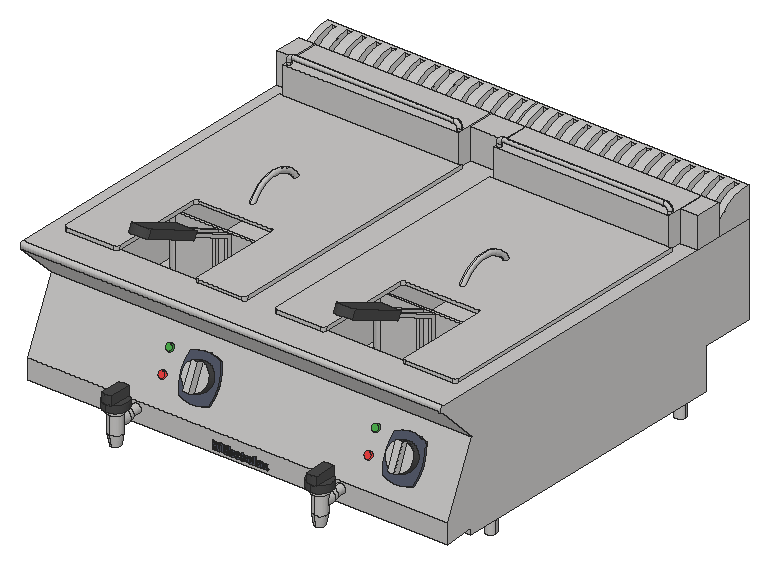
Revit family "QF_ELECTROLUXPROFESSIONAL_371080_E7FREH2E00", category Specialty Equipment, Revit 2018
Family settings
  Round Connector Dimension = Use Diameter
  Part Type = Normal
  Work Plane-Based = No
  Always vertical = Yes
  Cut with Voids When Loaded = No
  Shared = No
  Room Calculation Point = No
Parameters
  Width = 800 mm  # constant formula
  Weight in Pounds = 99  # constant formula
  Watts = 17400 VA  # 17400 W
  Volts = 400 V  # constant formula
  URL Cutsheet = "www.electrolux.com/foodservice"
  URL = "www.electrolux.com/foodservice"
  Type Mark [instance] = ""
  Status [instance] = ""
  Specification by User [instance] = ""
  Specification by Manufacturer = ""
  Show Logo [instance] = yes
  Show Clearance [instance] = yes
  Serial Number = ""
  Seismic Rating = ""
  SMACNA No = ""
  Revision Code [instance] = ""
  Phase = 3  # constant formula
  Omniclass Number and Title = ""
  Number of Poles [instance] = 1
  NAFEM Spec ID Number = ""
  Model = "371080"
  Min Ckt Ampacity = 0 A
  Max Overcurrent Protection = 0 A
  Masterspec = ""
  Manufacturer = "ELECTROLUX"
  Item Number [instance] = ""
  Installed By [instance] = ""
  Identify Quantity as Lot [instance] = yes
  Height = 333 mm  # constant formula
  HP = "23.3 HP"
  Furnished By [instance] = ""
  Foodservice Equipment Identifier [instance] = yes
  FL Amps = if(Phase = 3, Watts / (Volts * 1.73), Watts / Volts)  # 25.1445 A
  Electrical Remarks [instance] = "400 V/3N ph/50/60 Hz"  # constant formula
  Electric Connection Type [instance] = ""
  Elec Conn RI Height [instance] = 0 mm
  Elec Conn Connection Height [instance] = 0 mm
  Direct Waste Size = 0"
  Description = "700XP Two 12 Lt. Wells Electric Fryer Top - 400V"
  Depth = 730 mm  # constant formula
  Cycle = if([60 Hertz Option], 60 Hz, 50 Hz)  # 60 Hz
  Conn Plug = ""
  Conn Conduit = yes
  CSI MasterFormat = ""
  CSI Master Format = ""
  Base Height [instance] = 25.4 mm  # constant formula
  Apparent Power = if(Phase = 3, Volts * FL Amps * 1.73, Volts * FL Amps)  # 17400 VA
  60 Hertz Option = not([50 Hertz Option])  # yes
  50 Hertz Option = no
Reference planes
  plane 1 "BACK": y = 0
  plane 2: z = 0
  plane 3 "LEFT": x = 0
  plane 4 "RIGHT": x = 800
  plane 5 "FRONT": y = -730
  plane 6 "TOP": z = 333
  plane 7 "Center Y": x = 400
  plane 8 "Center X": y = -365
  plane 9 "BASE": z = 25.4
  plane 10 "TOP A": z = 274.638
  plane 11: y = -597.884
  plane 12: y = -147.637
  plane 13: z = 366.713
  plane 14: z = 346.638
Forms (mm)
  Extrusion 1, solid, material "QF_Finishes_Stainless Steel"
    sketch origin (0, 0, 0) x (0, 1, 0) y (0, 0, 1)
      loop
        line (0, 274.638) -> (-725.027, 274.638)
        arc (-725.027, 274.638) -> (-730.893, 270.718) -> (-729.517, 263.797) r 6.35
        line (-729.517, 263.797) -> (-657.416, 191.447) -> (-713.522, 70.59) -> (-713.522, 32.49) -> (-660.4, 38.1) -> (-660.4, 25.4) -> (-101.6, 25.4) -> (-101.6, 103.188) -> (0, 103.188) -> (0, 274.638)
    from 0 to 800
  Extrusion 2, solid, material "QF_Finishes_Stainless Steel"
    sketch origin (0, 0, 0) x (0, 1, 0) y (0, 0, 1)
      loop
        line (0, 274.638) -> (0, 333)
        arc (0, 333) -> (-38.795, 324.72) -> (-69.85, 300.038) r 86.758
        line (-69.85, 300.038) -> (-69.85, 274.638) -> (0, 274.638)
    from 0 to 800
  Extrusion 3, void
    sketch origin (0, 0, 274.638) x (-1, 0, 0) y (0, -1, 0)
      loop
        line (-33.338, 147.762) -> (-33.338, 655.762) -> (-373.012, 655.762) -> (-373.012, 147.762) -> (-33.338, 147.762)
      loop
        line (-766.662, 655.762) -> (-766.662, 147.762) -> (-426.987, 147.762) -> (-426.987, 655.762) -> (-766.662, 655.762)
    from 0 to -152.4
  Extrusion 4, void
    sketch origin (0, 0, 274.638) x (-1, 0, 0) y (0, -1, 0)
      loop
        line (-13.453, 6.761) -> (-13.453, 63.911) -> (-22.749, 63.911) -> (-22.749, 6.761) -> (-13.453, 6.761)
    from 25.4 to 63.5
  Extrusion 5, solid, material "QF_Finishes_Stainless Steel"
    sketch origin (0, 0, 0) x (1, 0, 0) y (0, 1, 0)
      loop
        circle (11.112, -147.638) r 9.525
      loop
        circle (11.112, -597.884) r 9.525
      loop
        circle (788.887, -147.638) r 9.525
      loop
        circle (788.887, -597.884) r 9.525
    from 0 to 25.4
  Extrusion 6, solid, material "QF_Finishes_Navy Blue"
    sketch origin (101.6, -713.522, 70.59) x (0, 0.421077, 0.907025) y (-1, 0, 0)
      loop
        arc (101.077, -565.788) -> (66.2, -558.771) -> (31.333, -565.832) r 89.894
        arc (31.333, -565.832) -> (24.638, -594.363) -> (31.333, -622.893) r 64.14
        arc (31.333, -622.893) -> (66.2, -629.955) -> (101.077, -622.938) r 89.894
        arc (101.077, -622.938) -> (107.792, -594.363) -> (101.077, -565.788) r 64.16
      loop
        arc (101.077, -176.965) -> (66.2, -169.948) -> (31.333, -177.01) r 89.894
        arc (31.333, -177.01) -> (24.638, -205.54) -> (31.333, -234.071) r 64.14
        arc (31.333, -234.071) -> (66.2, -241.136) -> (101.077, -234.115) r 89.853
        arc (101.077, -234.115) -> (107.792, -205.54) -> (101.077, -176.965) r 64.16
    from 0 to 3.175
  Extrusion 7, solid, material "QF_Finishes_Stainless Steel"
    sketch origin (101.6, -716.402, 71.927) x (0, 0.421077, 0.907025) y (-1, 0, 0)
      loop
        circle (68.826, -594.351) r 25.4
      loop
        circle (68.826, -205.413) r 25.4
    from 0 to 12.7
  Extrusion 8, solid, material "QF_Finishes_Stainless Steel"
    sketch origin (101.6, -727.921, 77.275) x (0, 0.421077, 0.907025) y (-1, 0, 0)
      loop
        arc (93.558, -600.137) -> (94.226, -594.351) -> (93.558, -588.564) r 25.4
        line (93.558, -588.564) -> (44.094, -588.564)
        arc (44.094, -588.564) -> (43.426, -594.351) -> (44.094, -600.137) r 25.4
        line (44.094, -600.137) -> (93.558, -600.137)
      loop
        arc (93.558, -211.199) -> (94.226, -205.413) -> (93.558, -199.627) r 25.4
        line (93.558, -199.627) -> (44.094, -199.627)
        arc (44.094, -199.627) -> (43.426, -205.413) -> (44.094, -211.199) r 25.4
        line (44.094, -211.199) -> (93.558, -211.199)
    from 0 to 12.7
  Extrusion 9, solid, material "QF_Finishes_Green"
    sketch origin (101.6, -713.522, 70.59) x (0, 0.421077, 0.907025) y (-1, 0, 0)
      loop
        circle (93.566, -530.485) r 6.35
      loop
        circle (93.566, -138.473) r 6.35
    from 0 to 3.175
  Extrusion 10, solid, material "QF_Finishes_Red"
    sketch origin (101.6, -713.522, 70.59) x (0, 0.421077, 0.907025) y (-1, 0, 0)
      loop
        circle (50.809, -530.485) r 6.35
      loop
        circle (50.809, -138.473) r 6.35
    from 0 to 3.175
  Revolve 11, solid, material "QF_Finishes_Stainless Steel"
    sketch origin (206.375, 0, 0) x (0, 1, 0) y (0, 0, 1)
      loop
        line (-762.926, 17.277) -> (-753.917, 17.277) -> (-750.301, 37.788) -> (-750.301, 74.129) -> (-747.023, 74.129) -> (-747.023, 82.008) -> (-740.673, 82.008) -> (-740.673, 94.708) -> (-762.926, 94.708) -> (-762.926, 17.277)
      axis (-762.926, 17.277) -> (-762.926, 94.708)
    angle from 0 to 360
  Revolve 12, solid, material "QF_Finishes_Stainless Steel"
    sketch origin (206.375, 0, 0) x (0, 1, 0) y (0, 0, 1)
      loop
        line (-713.522, 57.15) -> (-764.322, 57.15) -> (-764.322, 44.847) -> (-742.357, 44.847) -> (-742.357, 46.549) -> (-733.364, 46.549) -> (-733.364, 48.596) -> (-713.522, 48.596) -> (-713.522, 57.15)
      axis (-764.322, 57.15) -> (-713.522, 57.15)
    angle from 0 to 360
  Revolve 13, solid, material "QF_Finishes_Stainless Steel"
    sketch origin (595.312, 0, 0) x (0, 1, 0) y (0, 0, 1)
      loop
        line (-762.926, 17.277) -> (-753.917, 17.277) -> (-750.301, 37.788) -> (-750.301, 74.129) -> (-747.023, 74.129) -> (-747.023, 82.008) -> (-740.673, 82.008) -> (-740.673, 94.708) -> (-762.926, 94.708) -> (-762.926, 17.277)
      axis (-762.926, 17.277) -> (-762.926, 94.708)
    angle from 0 to 360
  Revolve 14, solid, material "QF_Finishes_Stainless Steel"
    sketch origin (595.312, 0, 0) x (0, 1, 0) y (0, 0, 1)
      loop
        line (-713.522, 57.15) -> (-764.322, 57.15) -> (-764.322, 44.847) -> (-742.357, 44.847) -> (-742.357, 46.549) -> (-733.364, 46.549) -> (-733.364, 48.596) -> (-713.522, 48.596) -> (-713.522, 57.15)
      axis (-764.322, 57.15) -> (-713.522, 57.15)
    angle from 0 to 360
  Extrusion 15, solid, material "QF_Finishes_Black"
    sketch origin (206.375, -762.926, 94.708) x (0, 1, 0) y (-1, 0, 0)
      loop
        line (20.063, 9.626) -> (-20.063, 9.626)
        arc (-20.063, 9.626) -> (-22.253, 0) -> (-20.063, -9.626) r 22.253
        line (-20.063, -9.626) -> (20.063, -9.626)
        arc (20.063, -9.626) -> (22.253, 0) -> (20.063, 9.626) r 22.253
      loop
        line (20.063, -379.312) -> (-20.063, -379.312)
        arc (-20.063, -379.312) -> (-22.253, -388.937) -> (-20.063, -398.563) r 22.253
        line (-20.063, -398.563) -> (20.063, -398.563)
        arc (20.063, -398.563) -> (22.253, -388.937) -> (20.063, -379.312) r 22.253
    from 0 to 16.412
  Extrusion 16, solid, material "QF_Finishes_Stainless Steel"
    sketch origin (0, -101.6, 103.188) x (0, 0, -1) y (-1, 0, 0)
      loop
        circle (43.882, -736.5) r 12.7
    from 0 to 12.7
  Extrusion 17, solid, material "QF_Finishes_Clearance", visible <- "Show Clearance", detail levels coarse
    sketch origin (0, 0, 0) x (1, 0, 0) y (0, 1, 0)
      loop
        line (0, -731.377) -> (0, 0) -> (800, 0) -> (800, -731.377) -> (950.019, -731.377) -> (950.019, 150.019) -> (-150.019, 150.019) -> (-150.019, -731.377) -> (0, -731.377)
    from 0 to 333
  Extrusion 18, solid, material "QF_Finishes_Stainless Steel"
    sketch origin (0, 0, 274.638) x (-1, 0, 0) y (0, -1, 0)
      loop
        arc (-26.988, 655.762) -> (-28.847, 660.252) -> (-33.338, 662.112) r 6.35
        line (-33.338, 662.112) -> (-122.238, 662.112)
        arc (-122.238, 662.112) -> (-126.728, 660.252) -> (-128.588, 655.762) r 6.35
        line (-128.588, 655.762) -> (-128.588, 481.012)
        arc (-128.588, 481.012) -> (-130.447, 476.521) -> (-134.938, 474.662) r 6.35
        line (-134.938, 474.662) -> (-271.412, 474.662)
        arc (-271.412, 474.662) -> (-275.903, 476.521) -> (-277.762, 481.012) r 6.35
        line (-277.762, 481.012) -> (-277.762, 655.762)
        arc (-277.762, 655.762) -> (-279.622, 660.252) -> (-284.112, 662.112) r 6.35
        line (-284.112, 662.112) -> (-366.662, 662.112)
        arc (-366.662, 662.112) -> (-371.153, 660.252) -> (-373.012, 655.762) r 6.35
        line (-373.012, 655.762) -> (-373.012, 147.762) -> (-26.988, 147.762) -> (-26.988, 655.762)
      loop
        line (-773.012, 655.762) -> (-773.012, 147.762) -> (-426.987, 147.762) -> (-426.987, 655.762)
        arc (-426.987, 655.762) -> (-428.847, 660.252) -> (-433.337, 662.112) r 6.35
        line (-433.337, 662.112) -> (-515.887, 662.112)
        arc (-515.887, 662.112) -> (-520.378, 660.252) -> (-522.237, 655.762) r 6.35
        line (-522.237, 655.762) -> (-522.237, 481.012)
        arc (-522.237, 481.012) -> (-524.097, 476.521) -> (-528.587, 474.662) r 6.35
        line (-528.587, 474.662) -> (-665.062, 474.662)
        arc (-665.062, 474.662) -> (-669.553, 476.521) -> (-671.412, 481.012) r 6.35
        line (-671.412, 481.012) -> (-671.412, 655.762)
        arc (-671.412, 655.762) -> (-673.272, 660.252) -> (-677.762, 662.112) r 6.35
        line (-677.762, 662.112) -> (-766.662, 662.112)
        arc (-766.662, 662.112) -> (-771.153, 660.252) -> (-773.012, 655.762) r 6.35
    from 0 to 6.35
  Sweep 19, solid, material "QF_Finishes_Stainless Steel"
    path origin (0, 1.513, 0) x (1, 0, 0) y (0, 0, 1)
      loop
        line (39.688, 333) -> (39.688, 337.85)
        arc (39.688, 337.85) -> (41.547, 342.34) -> (46.038, 344.2) r 6.35
        line (46.038, 344.2) -> (353.919, 344.2)
        arc (353.919, 344.2) -> (358.41, 342.34) -> (360.269, 337.85) r 6.35
        line (360.269, 337.85) -> (360.269, 333)
    profile origin (39.688, 1.513, 335.425) x (-1, 0, 0) y (0, -1, 0)
      loop
        circle (2.09, 140.754) r 3.827
  Extrusion 20, solid, material "QF_Finishes_Black"
    sketch origin (271.462, -708.83, 366.66) x (0, 0.906308, -0.422618) y (-1, 0, 0)
      loop
        line (10.103, 47.37) -> (128.716, 47.37) -> (128.716, 84.605) -> (10.103, 84.605)
        arc (10.103, 84.605) -> (-0.124, 65.987) -> (10.103, 47.37) r 22.059
    from -15.884 to 0
  Extrusion 21, solid, material "QF_Finishes_Stainless Steel"
    sketch origin (271.463, 41.275, 0) x (0, 1, 0) y (0, 0, 1)
      loop
        line (-547.91, 165.638) -> (-547.91, 267.115) -> (-635.463, 307.942) -> (-638.147, 302.187) -> (-554.26, 263.07) -> (-554.26, 165.638) -> (-547.91, 165.638)
    from -80.476 to -74.619
  Extrusion 22, solid, material "QF_Finishes_Stainless Steel"
    sketch origin (139.588, 41.275, 0) x (0, 1, 0) y (0, 0, -1)
      loop
        line (-554.26, -263.07) -> (-638.147, -302.187) -> (-635.463, -307.942) -> (-547.91, -267.115) -> (-547.91, -165.638) -> (-554.26, -165.638) -> (-554.26, -263.07)
    from -80.476 to -74.619
  Sweep 23, solid, material "QF_Finishes_Stainless Steel"
    path origin (200.025, -0.124, 0) x (0, 1, 0) y (0, 0, 1)
      loop
        arc (-323.261, 274.638) -> (-377.7, 308.416) -> (-432.139, 274.638) r 60.757
    profile origin (200.025, -377.824, 308.416) x (0, 0, -1) y (1, 0, 0)
      loop
        circle (0, 0) r 4.353
  Sweep 24, solid, material "QF_Finishes_Stainless Steel"
    path origin (600.075, -0.124, 0) x (0, 1, 0) y (0, 0, -1)
      loop
        arc (-323.261, -274.638) -> (-377.7, -308.416) -> (-432.139, -274.638) r 60.757
    profile origin (600.075, -377.824, 308.416) x (0, 0, 1) y (-1, 0, 0)
      loop
        circle (0, 0) r 4.353
  Extrusion 25, solid, material "QF_Finishes_Black"
    sketch origin (528.637, -708.83, 366.66) x (0, 0.906308, -0.422618) y (-1, 0, 0)
      loop
        arc (10.103, -47.27) -> (-0.124, -65.887) -> (10.103, -84.505) r 22.059
        line (10.103, -84.505) -> (128.716, -84.505) -> (128.716, -47.27) -> (10.103, -47.27)
    from -15.884 to 0
  Extrusion 26, solid, material "QF_Finishes_Mesh"
    sketch origin (0, 0, 274.638) x (-1, 0, 0) y (0, -1, 0)
      loop
        arc (-116.625, 189.135) -> (-98.665, 196.575) -> (-91.225, 214.535) r 25.4
        line (-91.225, 214.535) -> (-91.225, 481.11)
        arc (-91.225, 481.11) -> (-98.665, 499.071) -> (-116.625, 506.51) r 25.4
        line (-116.625, 506.51) -> (-294.375, 506.51)
        arc (-294.375, 506.51) -> (-312.336, 499.071) -> (-319.775, 481.11) r 25.4
        line (-319.775, 481.11) -> (-319.775, 214.535)
        arc (-319.775, 214.535) -> (-312.336, 196.575) -> (-294.375, 189.135) r 25.4
        line (-294.375, 189.135) -> (-116.625, 189.135)
      loop
        arc (-116.625, 192.31) -> (-100.91, 198.82) -> (-94.4, 214.535) r 22.225
        line (-94.4, 214.535) -> (-94.4, 481.11)
        arc (-94.4, 481.11) -> (-100.91, 496.826) -> (-116.625, 503.335) r 22.225
        line (-116.625, 503.335) -> (-294.375, 503.335)
        arc (-294.375, 503.335) -> (-310.091, 496.826) -> (-316.6, 481.11) r 22.225
        line (-316.6, 481.11) -> (-316.6, 214.535)
        arc (-316.6, 214.535) -> (-310.091, 198.82) -> (-294.375, 192.31) r 22.225
        line (-294.375, 192.31) -> (-116.625, 192.31)
      loop
        line (-683.375, 189.135) -> (-505.625, 189.135)
        arc (-505.625, 189.135) -> (-487.664, 196.575) -> (-480.225, 214.535) r 25.4
        line (-480.225, 214.535) -> (-480.225, 481.11)
        arc (-480.225, 481.11) -> (-487.664, 499.071) -> (-505.625, 506.51) r 25.4
        line (-505.625, 506.51) -> (-683.375, 506.51)
        arc (-683.375, 506.51) -> (-701.335, 499.071) -> (-708.775, 481.11) r 25.4
        line (-708.775, 481.11) -> (-708.775, 214.535)
        arc (-708.775, 214.535) -> (-701.335, 196.575) -> (-683.375, 189.135) r 25.4
      loop
        line (-683.375, 192.31) -> (-505.625, 192.31)
        arc (-505.625, 192.31) -> (-489.909, 198.82) -> (-483.4, 214.535) r 22.225
        line (-483.4, 214.535) -> (-483.4, 481.11)
        arc (-483.4, 481.11) -> (-489.909, 496.826) -> (-505.625, 503.335) r 22.225
        line (-505.625, 503.335) -> (-683.375, 503.335)
        arc (-683.375, 503.335) -> (-699.09, 496.826) -> (-705.6, 481.11) r 22.225
        line (-705.6, 481.11) -> (-705.6, 214.535)
        arc (-705.6, 214.535) -> (-699.09, 198.82) -> (-683.375, 192.31) r 22.225
    from -109 to -5.315
  Extrusion 27, solid, material "QF_Finishes_Stainless Steel"
    sketch origin (528.637, 41.275, 0) x (0, 1, 0) y (0, 0, -1)
      loop
        line (-547.91, -165.638) -> (-554.26, -165.638) -> (-554.26, -263.07) -> (-638.147, -302.187) -> (-635.463, -307.942) -> (-547.91, -267.115) -> (-547.91, -165.638)
    from -80.476 to -74.619
  Extrusion 28, solid, material "QF_Finishes_Stainless Steel"
    sketch origin (660.512, 41.275, 0) x (0, 1, 0) y (0, 0, 1)
      loop
        line (-554.26, 263.07) -> (-554.26, 165.638) -> (-547.91, 165.638) -> (-547.91, 267.115) -> (-635.463, 307.942) -> (-638.147, 302.187) -> (-554.26, 263.07)
    from -80.476 to -74.619
  Extrusion 29, void
    sketch origin (361.95, 0, 274.638) x (-1, 0, 0) y (0, -1, 0)
      loop
        line (-13.403, 6.761) -> (-13.403, 63.911) -> (-22.699, 63.911) -> (-22.699, 6.761) -> (-13.403, 6.761)
    from 25.4 to 63.5
  Extrusion 30, void
    sketch origin (27.842, 0, 274.638) x (-1, 0, 0) y (0, -1, 0)
      loop
        line (-13.453, 6.761) -> (-13.453, 63.911) -> (-22.749, 63.911) -> (-22.749, 6.761) -> (-13.453, 6.761)
    from 25.4 to 63.5
  Extrusion 31, void
    sketch origin (55.685, 0, 274.638) x (-1, 0, 0) y (0, -1, 0)
      loop
        line (-13.453, 6.761) -> (-13.453, 63.911) -> (-22.749, 63.911) -> (-22.749, 6.761) -> (-13.453, 6.761)
    from 25.4 to 63.5
  Extrusion 32, void
    sketch origin (83.527, 0, 274.638) x (-1, 0, 0) y (0, -1, 0)
      loop
        line (-13.453, 6.761) -> (-13.453, 63.911) -> (-22.749, 63.911) -> (-22.749, 6.761) -> (-13.453, 6.761)
    from 25.4 to 63.5
  Extrusion 33, void
    sketch origin (111.369, 0, 274.638) x (-1, 0, 0) y (0, -1, 0)
      loop
        line (-13.453, 6.761) -> (-13.453, 63.911) -> (-22.749, 63.911) -> (-22.749, 6.761) -> (-13.453, 6.761)
    from 25.4 to 63.5
  Extrusion 34, void
    sketch origin (139.212, 0, 274.638) x (-1, 0, 0) y (0, -1, 0)
      loop
        line (-13.453, 6.761) -> (-13.453, 63.911) -> (-22.749, 63.911) -> (-22.749, 6.761) -> (-13.453, 6.761)
    from 25.4 to 63.5
  Extrusion 35, void
    sketch origin (167.054, 0, 274.638) x (-1, 0, 0) y (0, -1, 0)
      loop
        line (-13.453, 6.761) -> (-13.453, 63.911) -> (-22.749, 63.911) -> (-22.749, 6.761) -> (-13.453, 6.761)
    from 25.4 to 63.5
  Extrusion 36, void
    sketch origin (194.896, 0, 274.638) x (-1, 0, 0) y (0, -1, 0)
      loop
        line (-13.403, 6.761) -> (-13.403, 63.911) -> (-22.699, 63.911) -> (-22.699, 6.761) -> (-13.403, 6.761)
    from 25.4 to 63.5
  Extrusion 37, void
    sketch origin (222.738, 0, 274.638) x (-1, 0, 0) y (0, -1, 0)
      loop
        line (-13.403, 6.761) -> (-13.403, 63.911) -> (-22.699, 63.911) -> (-22.699, 6.761) -> (-13.403, 6.761)
    from 25.4 to 63.5
  Extrusion 38, void
    sketch origin (250.581, 0, 274.638) x (-1, 0, 0) y (0, -1, 0)
      loop
        line (-13.403, 6.761) -> (-13.403, 63.911) -> (-22.699, 63.911) -> (-22.699, 6.761) -> (-13.403, 6.761)
    from 25.4 to 63.5
  Extrusion 39, void
    sketch origin (278.423, 0, 274.638) x (-1, 0, 0) y (0, -1, 0)
      loop
        line (-13.403, 6.761) -> (-13.403, 63.911) -> (-22.699, 63.911) -> (-22.699, 6.761) -> (-13.403, 6.761)
    from 25.4 to 63.5
  Extrusion 40, void
    sketch origin (306.265, 0, 274.638) x (-1, 0, 0) y (0, -1, 0)
      loop
        line (-13.403, 6.761) -> (-13.403, 63.911) -> (-22.699, 63.911) -> (-22.699, 6.761) -> (-13.403, 6.761)
    from 25.4 to 63.5
  Extrusion 41, void
    sketch origin (334.108, 0, 274.638) x (-1, 0, 0) y (0, -1, 0)
      loop
        line (-13.403, 6.761) -> (-13.403, 63.911) -> (-22.699, 63.911) -> (-22.699, 6.761) -> (-13.403, 6.761)
    from 25.4 to 63.5
  Extrusion 42, void
    sketch origin (800.1, 0, 274.638) x (1, 0, 0) y (0, 1, 0)
      loop
        line (-13.553, -6.761) -> (-22.849, -6.761) -> (-22.849, -63.911) -> (-13.553, -63.911) -> (-13.553, -6.761)
    from 25.4 to 63.5
  Extrusion 43, void
    sketch origin (438.15, 0, 274.638) x (1, 0, 0) y (0, 1, 0)
      loop
        line (-13.503, -6.761) -> (-22.799, -6.761) -> (-22.799, -63.911) -> (-13.503, -63.911) -> (-13.503, -6.761)
    from 25.4 to 63.5
  Extrusion 44, void
    sketch origin (772.258, 0, 274.638) x (1, 0, 0) y (0, 1, 0)
      loop
        line (-13.553, -6.761) -> (-22.849, -6.761) -> (-22.849, -63.911) -> (-13.553, -63.911) -> (-13.553, -6.761)
    from 25.4 to 63.5
  Extrusion 45, void
    sketch origin (744.415, 0, 274.638) x (1, 0, 0) y (0, 1, 0)
      loop
        line (-13.553, -6.761) -> (-22.849, -6.761) -> (-22.849, -63.911) -> (-13.553, -63.911) -> (-13.553, -6.761)
    from 25.4 to 63.5
  Extrusion 46, void
    sketch origin (716.573, 0, 274.638) x (1, 0, 0) y (0, 1, 0)
      loop
        line (-13.553, -6.761) -> (-22.849, -6.761) -> (-22.849, -63.911) -> (-13.553, -63.911) -> (-13.553, -6.761)
    from 25.4 to 63.5
  Extrusion 47, void
    sketch origin (688.731, 0, 274.638) x (1, 0, 0) y (0, 1, 0)
      loop
        line (-13.553, -6.761) -> (-22.849, -6.761) -> (-22.849, -63.911) -> (-13.553, -63.911) -> (-13.553, -6.761)
    from 25.4 to 63.5
  Extrusion 48, void
    sketch origin (660.888, 0, 274.638) x (1, 0, 0) y (0, 1, 0)
      loop
        line (-13.553, -6.761) -> (-22.849, -6.761) -> (-22.849, -63.911) -> (-13.553, -63.911) -> (-13.553, -6.761)
    from 25.4 to 63.5
  Extrusion 49, void
    sketch origin (633.046, 0, 274.638) x (1, 0, 0) y (0, 1, 0)
      loop
        line (-13.553, -6.761) -> (-22.849, -6.761) -> (-22.849, -63.911) -> (-13.553, -63.911) -> (-13.553, -6.761)
    from 25.4 to 63.5
  Extrusion 50, void
    sketch origin (605.204, 0, 274.638) x (1, 0, 0) y (0, 1, 0)
      loop
        line (-13.503, -6.761) -> (-22.799, -6.761) -> (-22.799, -63.911) -> (-13.503, -63.911) -> (-13.503, -6.761)
    from 25.4 to 63.5
  Extrusion 51, void
    sketch origin (577.362, 0, 274.638) x (1, 0, 0) y (0, 1, 0)
      loop
        line (-13.503, -6.761) -> (-22.799, -6.761) -> (-22.799, -63.911) -> (-13.503, -63.911) -> (-13.503, -6.761)
    from 25.4 to 63.5
  Extrusion 52, void
    sketch origin (549.519, 0, 274.638) x (1, 0, 0) y (0, 1, 0)
      loop
        line (-13.503, -6.761) -> (-22.799, -6.761) -> (-22.799, -63.911) -> (-13.503, -63.911) -> (-13.503, -6.761)
    from 25.4 to 63.5
  Extrusion 53, void
    sketch origin (521.677, 0, 274.638) x (1, 0, 0) y (0, 1, 0)
      loop
        line (-13.503, -6.761) -> (-22.799, -6.761) -> (-22.799, -63.911) -> (-13.503, -63.911) -> (-13.503, -6.761)
    from 25.4 to 63.5
  Extrusion 54, void
    sketch origin (493.835, 0, 274.638) x (1, 0, 0) y (0, 1, 0)
      loop
        line (-13.503, -6.761) -> (-22.799, -6.761) -> (-22.799, -63.911) -> (-13.503, -63.911) -> (-13.503, -6.761)
    from 25.4 to 63.5
  Extrusion 55, void
    sketch origin (465.992, 0, 274.638) x (1, 0, 0) y (0, 1, 0)
      loop
        line (-13.503, -6.761) -> (-22.799, -6.761) -> (-22.799, -63.911) -> (-13.503, -63.911) -> (-13.503, -6.761)
    from 25.4 to 63.5
  Extrusion 56, void
    sketch origin (418.151, 0, 274.638) x (1, 0, 0) y (0, 1, 0)
      loop
        line (-16.563, 0) -> (-19.738, 0) -> (-19.738, -69.85) -> (-16.563, -69.85) -> (-16.563, 0)
    from 25.4 to 63.5
  Extrusion 57, solid, material "QF_Finishes_Stainless Steel"
    sketch origin (-77.88, -4572, 274.638) x (-1, 0, 0) y (0, -1, 0)
      loop
        line (-77.88, -4502.15) -> (-77.88, -4451.35) -> (-109.63, -4451.35) -> (-109.63, -4502.15) -> (-77.88, -4502.15)
      loop
        line (-509.63, -4502.15) -> (-446.13, -4502.15) -> (-446.13, -4451.35) -> (-509.63, -4451.35) -> (-509.63, -4502.15)
      loop
        line (-877.88, -4502.15) -> (-846.13, -4502.15) -> (-846.13, -4451.35) -> (-877.88, -4451.35) -> (-877.88, -4502.15)
    from 0 to 58.738
  Extrusion 58, solid, material "QF_Finishes_Stainless Steel"
    sketch origin (-77.88, -4572, 274.638) x (-1, 0, 0) y (0, -1, 0)
      loop
        line (-111.217, -4424.238) -> (-444.542, -4424.238) -> (-444.542, -4502.15) -> (-111.217, -4502.15) -> (-111.217, -4424.238)
      loop
        line (-844.542, -4424.238) -> (-844.542, -4502.15) -> (-511.217, -4502.15) -> (-511.217, -4424.238) -> (-844.542, -4424.238)
    from 0 to 58.738
  Sweep 59, solid, material "QF_Finishes_Stainless Steel"
    path origin (800.1, 1.513, 0) x (-1, 0, 0) y (0, 0, -1)
      loop
        line (39.788, -333) -> (39.788, -337.85)
        arc (39.788, -337.85) -> (41.647, -342.34) -> (46.138, -344.2) r 6.35
        line (46.138, -344.2) -> (354.019, -344.2)
        arc (354.019, -344.2) -> (358.51, -342.34) -> (360.369, -337.85) r 6.35
        line (360.369, -337.85) -> (360.369, -333)
    profile origin (760.312, 1.513, 335.425) x (-1, 0, 0) y (0, -1, 0)
      loop
        circle (-2.09, 140.754) r 3.827
  Extrusion 60, solid, material "QF_Finishes_Navy Blue", visible <- "Show Logo"
    sketch origin (65.136, -713.772, 32.49) x (0, 0, 1) y (-1, 0, 0)
      loop
        line (20.674, -296.698) -> (8.307, -296.698)
        arc (8.307, -296.698) -> (14.491, -301.27) -> (20.674, -296.698) r 6.467
      loop
        arc (20.674, -296.069) -> (19.505, -290.926) -> (14.849, -288.448) r 6.338
        line (14.849, -288.448) -> (14.849, -290.494)
        arc (14.849, -290.494) -> (16.333, -294.149) -> (19.778, -296.069) r 5.941
        line (19.778, -296.069) -> (20.674, -296.069)
      loop
        arc (9.203, -296.069) -> (12.648, -294.149) -> (14.132, -290.494) r 5.941
        line (14.132, -290.494) -> (14.132, -288.448)
        arc (14.132, -288.448) -> (9.438, -290.922) -> (8.148, -296.069) r 6.504
        line (8.148, -296.069) -> (9.203, -296.069)
      loop
        line (21.349, -287.979) -> (7.604, -287.979) -> (7.604, -301.742) -> (21.349, -301.742) -> (21.349, -287.979)
      loop
        arc (21.432, -304.71) -> (21.085, -304.352) -> (20.718, -304.69) r 0.358
        arc (20.718, -304.69) -> (20.404, -305.44) -> (19.687, -305.825) r 1.216
        line (19.687, -305.825) -> (9.274, -305.825)
        arc (9.274, -305.825) -> (8.614, -305.548) -> (8.218, -304.951) r 1.238
        arc (8.218, -304.951) -> (7.823, -304.7) -> (7.518, -305.054) r 0.358
        line (7.518, -305.054) -> (7.518, -314.933) -> (10.269, -314.933) -> (10.269, -314.036)
        arc (10.269, -314.036) -> (9.36, -313.456) -> (8.904, -312.479) r 1.928
        line (8.904, -312.479) -> (8.904, -309.98)
        arc (8.904, -309.98) -> (9.18, -309.251) -> (9.868, -308.887) r 1.101
        line (9.868, -308.887) -> (13.955, -308.887) -> (13.955, -312.561)
        arc (13.955, -312.561) -> (13.602, -313.058) -> (13.037, -313.286) r 1.083
        arc (13.037, -313.286) -> (12.773, -313.591) -> (13.065, -313.869) r 0.292
        line (13.065, -313.869) -> (16.028, -313.869)
        arc (16.028, -313.869) -> (16.33, -313.596) -> (16.092, -313.266) r 0.305
        arc (16.092, -313.266) -> (15.601, -313.018) -> (15.296, -312.561) r 1.083
        line (15.296, -312.561) -> (15.296, -308.887) -> (19.973, -308.887) -> (19.973, -312.635)
        arc (19.973, -312.635) -> (19.759, -313.39) -> (19.153, -313.888) r 1.314
        arc (19.153, -313.888) -> (18.934, -314.292) -> (19.288, -314.585) r 0.361
        line (19.288, -314.585) -> (21.432, -314.585) -> (21.432, -304.71)
      loop
        arc (20.715, -315.365) -> (20.335, -316.284) -> (19.416, -316.664) r 1.299
        line (19.416, -316.664) -> (9.837, -316.664)
        arc (9.837, -316.664) -> (8.999, -316.286) -> (8.728, -315.408) r 1.118
        line (8.728, -315.408) -> (7.518, -315.408) -> (7.518, -320.758) -> (8.706, -320.758)
        arc (8.706, -320.758) -> (8.978, -319.841) -> (9.848, -319.445) r 1.153
        line (9.848, -319.445) -> (21.92, -319.445) -> (20.715, -315.365)
      loop
        line (12.483, -323.394) -> (12.483, -329.842) -> (13.282, -329.842)
        arc (13.282, -329.842) -> (15.862, -328.857) -> (17.131, -326.404) r 3.874
        line (17.131, -326.404) -> (17.131, -324.643)
        arc (17.131, -324.643) -> (15.944, -321.778) -> (13.08, -320.592) r 4.051
        line (13.08, -320.592) -> (11.072, -320.592)
        arc (11.072, -320.592) -> (8.253, -322.077) -> (7.202, -325.084) r 4.352
        arc (7.202, -325.084) -> (7.566, -327.547) -> (8.943, -329.621) r 5.713
        line (8.943, -329.621) -> (9.892, -329.621)
        arc (9.892, -329.621) -> (9.16, -328.052) -> (8.943, -326.334) r 5.579
        arc (8.943, -326.334) -> (9.737, -324.371) -> (11.616, -323.394) r 3.057
        line (11.616, -323.394) -> (12.483, -323.394)
      loop
        line (13.742, -323.394) -> (13.742, -326.977)
        arc (13.742, -326.977) -> (15.199, -327.024) -> (16.082, -325.864) r 1.59
        line (16.082, -325.864) -> (16.082, -325.034)
        arc (16.082, -325.034) -> (15.217, -323.779) -> (13.742, -323.394) r 2.184
      loop
        arc (16.533, -339.259) -> (17.022, -337.585) -> (17.179, -335.848) r 9.023
        line (17.179, -335.848) -> (17.179, -334.486)
        arc (17.179, -334.486) -> (16.02, -331.686) -> (13.22, -330.527) r 3.959
        line (13.22, -330.527) -> (10.62, -330.527)
        arc (10.62, -330.527) -> (8.338, -331.819) -> (7.221, -334.192) r 4.331
        line (7.221, -334.192) -> (7.221, -336.327)
        arc (7.221, -336.327) -> (7.729, -337.877) -> (8.651, -339.223) r 5.772
        arc (8.651, -339.223) -> (9.412, -339.274) -> (9.499, -338.515) r 0.553
        arc (9.499, -338.515) -> (9.111, -337.781) -> (8.977, -336.962) r 2.573
        line (8.977, -336.962) -> (8.977, -335.447)
        arc (8.977, -335.447) -> (9.983, -333.806) -> (11.798, -333.163) r 2.884
        line (11.798, -333.163) -> (13.077, -333.163)
        arc (13.077, -333.163) -> (14.898, -333.723) -> (15.824, -335.388) r 2.554
        line (15.824, -335.388) -> (15.824, -336.441)
        arc (15.824, -336.441) -> (15.493, -337.369) -> (14.836, -338.104) r 2.564
        arc (14.836, -338.104) -> (14.614, -338.821) -> (15.223, -339.259) r 0.643
        line (15.223, -339.259) -> (16.533, -339.259)
      loop
        line (15.515, -339.53) -> (15.515, -341.031) -> (9.467, -341.031)
        arc (9.467, -341.031) -> (7.879, -341.688) -> (7.221, -343.276) r 2.246
        line (7.221, -343.276) -> (7.221, -344.86)
        arc (7.221, -344.86) -> (7.535, -345.725) -> (8.035, -346.496) r 4.06
        arc (8.035, -346.496) -> (8.768, -346.629) -> (9.019, -345.928) r 0.576
        arc (9.019, -345.928) -> (8.913, -345.403) -> (8.977, -344.87) r 1.69
        arc (8.977, -344.87) -> (9.519, -344.082) -> (10.425, -343.779) r 1.506
        line (10.425, -343.779) -> (15.563, -343.779) -> (15.563, -346.176) -> (16.119, -346.733) -> (16.941, -346.733) -> (16.941, -343.873) -> (20.172, -343.873) -> (15.515, -339.53)
      loop
        line (7.438, -347.63) -> (7.438, -353.017) -> (8.548, -353.017)
        arc (8.548, -353.017) -> (8.942, -352.066) -> (9.893, -351.672) r 1.345
        line (9.893, -351.672) -> (13.509, -351.672)
        arc (13.509, -351.672) -> (14.274, -352.264) -> (14.564, -353.186) r 1.615
        line (14.564, -353.186) -> (14.564, -354.742) -> (17.119, -355.427) -> (17.119, -354.044) -> (15.177, -351.485) -> (17.057, -351.485) -> (16.773, -348.779)
        arc (16.773, -348.779) -> (16.333, -348.249) -> (15.674, -348.45) r 0.621
        arc (15.674, -348.45) -> (15.274, -348.792) -> (14.78, -348.975) r 1.501
        line (14.78, -348.975) -> (9.893, -348.975)
        arc (9.893, -348.975) -> (8.942, -348.581) -> (8.548, -347.63) r 1.345
        line (8.548, -347.63) -> (7.438, -347.63)
      loop
        line (13.54, -354.964) -> (10.848, -354.964)
        arc (10.848, -354.964) -> (8.403, -356.272) -> (7.269, -358.803) r 4.288
        arc (7.269, -358.803) -> (7.205, -360.183) -> (7.269, -361.563) r 15.022
        arc (7.269, -361.563) -> (8.403, -364.094) -> (10.848, -365.401) r 4.288
        line (10.848, -365.401) -> (13.54, -365.401)
        arc (13.54, -365.401) -> (15.986, -364.094) -> (17.119, -361.563) r 4.288
        arc (17.119, -361.563) -> (17.183, -360.183) -> (17.119, -358.803) r 15.022
        arc (17.119, -358.803) -> (15.986, -356.272) -> (13.54, -354.964) r 4.288
      loop
        line (13.745, -358.078) -> (10.643, -358.078)
        arc (10.643, -358.078) -> (8.486, -360.235) -> (10.643, -362.392) r 2.157
        line (10.643, -362.392) -> (13.745, -362.392)
        arc (13.745, -362.392) -> (15.902, -360.235) -> (13.745, -358.078) r 2.157
      loop
        arc (20.726, -365.26) -> (20.355, -366.154) -> (19.461, -366.524) r 1.264
        line (19.461, -366.524) -> (9.597, -366.524)
        arc (9.597, -366.524) -> (8.727, -366.127) -> (8.455, -365.211) r 1.153
        line (8.455, -365.211) -> (7.518, -365.211) -> (7.518, -370.319) -> (8.446, -370.319)
        arc (8.446, -370.319) -> (8.805, -369.547) -> (9.597, -369.232) r 1.153
        line (9.597, -369.232) -> (21.92, -369.232) -> (20.726, -365.26)
      loop
        arc (15.846, -369.857) -> (15.647, -370.921) -> (14.678, -371.403) r 1.215
        line (14.678, -371.403) -> (9.658, -371.403)
        arc (9.658, -371.403) -> (8.043, -372.051) -> (7.322, -373.634) r 2.338
        line (7.322, -373.634) -> (7.322, -375.148)
        arc (7.322, -375.148) -> (7.497, -376.152) -> (7.999, -377.038) r 2.979
        line (7.999, -377.038) -> (7.518, -378.835) -> (7.518, -380.524) -> (16.943, -380.524) -> (16.649, -376.32) -> (15.863, -376.32)
        arc (15.863, -376.32) -> (15.507, -377.156) -> (14.755, -377.665) r 1.605
        line (14.755, -377.665) -> (9.652, -377.665)
        arc (9.652, -377.665) -> (9.232, -376.728) -> (9.159, -375.704) r 2.94
        arc (9.159, -375.704) -> (9.72, -374.603) -> (10.873, -374.16) r 1.724
        line (10.873, -374.16) -> (17.07, -374.16) -> (15.846, -369.857)
      loop
        line (16.874, -381.377) -> (15.202, -383.423) -> (12.028, -385.729) -> (8.572, -382.617)
        arc (8.572, -382.617) -> (8.335, -382.223) -> (8.357, -381.764) r 0.789
        line (8.357, -381.764) -> (7.518, -381.764) -> (7.518, -385.309) -> (8.344, -385.309)
        arc (8.344, -385.309) -> (8.686, -384.947) -> (9.176, -385.039) r 0.52
        line (9.176, -385.039) -> (10.976, -386.51) -> (8.858, -387.886)
        arc (8.858, -387.886) -> (8.457, -387.576) -> (8.37, -387.076) r 0.7
        line (8.37, -387.076) -> (7.518, -387.076) -> (7.518, -393.003) -> (8.405, -393.003)
        arc (8.405, -393.003) -> (8.472, -392.344) -> (8.866, -391.813) r 1.247
        line (8.866, -391.813) -> (13.066, -388.532) -> (15.513, -390.585) -> (16.874, -392.327) -> (16.874, -388.604) -> (15.389, -389.026) -> (13.868, -387.749) -> (15.568, -386.559) -> (16.874, -387.336) -> (16.874, -381.377)
    from 0 to 1.644
Cuts and joins
  Extrusion 3, Extrusion 4 cuts Extrusion 1
  Extrusion 4, Extrusion 29, Extrusion 30, Extrusion 31, Extrusion 32, Extrusion 33, Extrusion 34, Extrusion 35, Extrusion 36, Extrusion 37, Extrusion 38, Extrusion 39, Extrusion 40, Extrusion 41, Extrusion 42, Extrusion 43, Extrusion 44, Extrusion 45, Extrusion 46, Extrusion 47, Extrusion 48, Extrusion 49, Extrusion 50, Extrusion 51, Extrusion 52, Extrusion 53, Extrusion 54, Extrusion 55, Extrusion 56 cuts Extrusion 2
  joined: Extrusion 7, Extrusion 8
  joined: Extrusion 18, Sweep 23, Sweep 24
  Extrusion 29, Extrusion 30, Extrusion 31, Extrusion 32, Extrusion 33, Extrusion 34, Extrusion 35, Extrusion 36, Extrusion 37, Extrusion 38, Extrusion 39, Extrusion 40, Extrusion 41, Extrusion 42, Extrusion 43, Extrusion 44, Extrusion 45, Extrusion 46, Extrusion 47, Extrusion 48, Extrusion 49, Extrusion 50, Extrusion 51, Extrusion 52, Extrusion 53, Extrusion 54, Extrusion 55, Extrusion 56 cuts Extrusion 17
Lines and regions (mm)
  symbolic lines, style "QF-Clearances", visible <- "Show Clearance", detail levels coarse
    curve 1: line (-150.019, 150.019, 274.638) -> (-150.019, -731.377, 274.638)
    curve 2: line (950.019, 150.019, 274.638) -> (-150.019, 150.019, 274.638)
    curve 3: line (950.019, -731.377, 274.638) -> (950.019, 150.019, 274.638)
  symbolic lines
    curve 4: line (0, 0, 274.638) -> (800, 0, 274.638)
    curve 5: line (0, -730, 274.638) -> (0, 0, 274.638)
    curve 6: line (800, -730, 274.638) -> (0, -730, 274.638)
    curve 7: line (800, 0, 274.638) -> (800, -730, 274.638)
    curve 8: line (22.699, -6.761, 274.638) -> (22.699, -63.911, 274.638)
    curve 9: line (13.403, -63.911, 274.638) -> (13.403, -6.761, 274.638)
    curve 10: line (13.403, -6.761, 274.638) -> (22.699, -6.761, 274.638)
    curve 11: line (26.988, -147.762, 274.638) -> (26.988, -655.762, 274.638)
    curve 12: arc (26.988, -655.762, 274.638) -> (28.847, -660.252, 274.638) -> (33.338, -662.112, 274.638) r 6.35
    curve 13: line (33.338, -662.112, 274.638) -> (122.188, -662.112, 274.638)
    curve 14: arc (122.188, -662.112, 274.638) -> (126.678, -660.252, 274.638) -> (128.538, -655.762, 274.638) r 6.35
    curve 15: line (128.538, -655.762, 274.638) -> (128.538, -481.012, 274.638)
    curve 16: arc (128.538, -481.012, 274.638) -> (130.397, -476.521, 274.638) -> (134.888, -474.662, 274.638) r 6.35
    curve 17: line (134.888, -474.662, 274.638) -> (271.412, -474.662, 274.638)
    curve 18: arc (271.412, -474.662, 274.638) -> (275.903, -476.521, 274.638) -> (277.762, -481.012, 274.638) r 6.35
    curve 19: line (277.762, -481.012, 274.638) -> (277.762, -655.762, 274.638)
    curve 20: arc (277.762, -655.762, 274.638) -> (279.622, -660.252, 274.638) -> (284.112, -662.112, 274.638) r 6.35
    curve 21: line (284.112, -662.112, 274.638) -> (366.662, -662.112, 274.638)
    curve 22: arc (366.662, -662.112, 274.638) -> (371.153, -660.252, 274.638) -> (373.012, -655.762, 274.638) r 6.35
    curve 23: line (373.012, -655.762, 274.638) -> (373.012, -147.762, 274.638)
    curve 24: line (373.012, -147.762, 274.638) -> (26.988, -147.762, 274.638)
    curve 25: line (0, -69.85, 274.638) -> (398.412, -69.85, 274.638)
    curve 26: line (224.093, -706.386, 274.638) -> (224.093, -592.174, 274.638)
    curve 27: line (224.093, -592.174, 274.638) -> (186.858, -592.174, 274.638)
    curve 28: line (186.858, -592.174, 274.638) -> (186.858, -706.386, 274.638)
    curve 29: spline (224.093, -706.386, 274.638) -> (221.86, -709.048, 274.638) -> (219.17, -711.336, 274.638) -> (216.096, -713.185, 274.638) -> (212.725, -714.544, 274.638) -> (209.152, -715.375, 274.638) -> (205.475, -715.655, 274.638) -> (201.799, -715.375, 274.638) -> (198.225, -714.544, 274.638) -> (194.855, -713.185, 274.638) -> (191.781, -711.336, 274.638) -> (189.09, -709.048, 274.638) -> (186.858, -706.386, 274.638)
    curve 30: line (128.538, -655.762, 274.638) -> (186.858, -655.762, 274.638)
    curve 31: line (224.093, -655.762, 274.638) -> (277.762, -655.762, 274.638)
    curve 32: line (196.794, -506.51, 274.638) -> (196.794, -592.174, 274.638)
    curve 33: line (190.937, -592.174, 274.638) -> (190.937, -506.51, 274.638)
    curve 34: line (220.014, -506.51, 274.638) -> (220.014, -592.174, 274.638)
    curve 35: line (214.157, -592.174, 274.638) -> (214.157, -506.51, 274.638)
    curve 36: spline (186.858, -699.673, 274.638) -> (189.09, -702.336, 274.638) -> (191.781, -704.623, 274.638) -> (194.855, -706.473, 274.638) -> (198.225, -707.832, 274.638) -> (201.799, -708.663, 274.638) -> (205.475, -708.942, 274.638) -> (209.152, -708.663, 274.638) -> (212.725, -707.832, 274.638) -> (216.096, -706.473, 274.638) -> (219.17, -704.623, 274.638) -> (221.86, -702.336, 274.638) -> (224.093, -699.673, 274.638)
    curve 37: line (195.52, -428.432, 274.638) -> (195.52, -326.969, 274.638)
    curve 38: line (204.418, -326.969, 274.638) -> (204.418, -428.432, 274.638)
    curve 39: arc (195.52, -428.432, 274.638) -> (199.969, -432.882, 274.638) -> (204.418, -428.432, 274.638) r 4.449
    curve 40: arc (195.52, -326.969, 274.638) -> (199.969, -322.52, 274.638) -> (204.418, -326.969, 274.638) r 4.449
    curve 41: line (128.538, -503.335, 274.638) -> (277.762, -503.335, 274.638)
    curve 42: line (128.538, -506.51, 274.638) -> (277.762, -506.51, 274.638)
    curve 43: line (773.012, -147.762, 274.638) -> (773.012, -655.762, 274.638)
    curve 44: arc (773.012, -655.762, 274.638) -> (771.153, -660.252, 274.638) -> (766.662, -662.112, 274.638) r 6.35
    curve 45: line (766.662, -662.112, 274.638) -> (677.762, -662.112, 274.638)
    curve 46: arc (677.762, -662.112, 274.638) -> (673.272, -660.252, 274.638) -> (671.412, -655.762, 274.638) r 6.35
    curve 47: line (671.412, -655.762, 274.638) -> (671.412, -481.012, 274.638)
    curve 48: arc (671.413, -481.012, 274.638) -> (669.553, -476.521, 274.638) -> (665.063, -474.662, 274.638) r 6.35
    curve 49: line (665.063, -474.662, 274.638) -> (528.538, -474.662, 274.638)
    curve 50: arc (528.538, -474.662, 274.638) -> (524.047, -476.521, 274.638) -> (522.188, -481.012, 274.638) r 6.35
    curve 51: line (522.188, -481.012, 274.638) -> (522.188, -655.762, 274.638)
    curve 52: arc (522.188, -655.762, 274.638) -> (520.328, -660.252, 274.638) -> (515.838, -662.112, 274.638) r 6.35
    curve 53: line (515.838, -662.112, 274.638) -> (433.338, -662.112, 274.638)
    curve 54: arc (433.338, -662.112, 274.638) -> (428.847, -660.252, 274.638) -> (426.988, -655.762, 274.638) r 6.35
    curve 55: line (426.988, -655.762, 274.638) -> (426.988, -147.762, 274.638)
    curve 56: line (426.988, -147.762, 274.638) -> (773.012, -147.762, 274.638)
    curve 57: line (575.857, -706.386, 274.638) -> (575.857, -592.174, 274.638)
    curve 58: line (575.857, -592.174, 274.638) -> (613.092, -592.174, 274.638)
    curve 59: line (613.092, -592.174, 274.638) -> (613.092, -706.386, 274.638)
    curve 60: spline (575.857, -706.386, 274.638) -> (578.09, -709.048, 274.638) -> (580.78, -711.336, 274.638) -> (583.854, -713.185, 274.638) -> (587.225, -714.544, 274.638) -> (590.798, -715.375, 274.638) -> (594.475, -715.655, 274.638) -> (598.151, -715.375, 274.638) -> (601.725, -714.544, 274.638) -> (605.095, -713.185, 274.638) -> (608.169, -711.336, 274.638) -> (610.86, -709.048, 274.638) -> (613.092, -706.386, 274.638)
    curve 61: line (671.412, -655.762, 274.638) -> (613.092, -655.762, 274.638)
    curve 62: line (575.857, -655.762, 274.638) -> (522.188, -655.762, 274.638)
    curve 63: line (603.156, -506.51, 274.638) -> (603.156, -592.174, 274.638)
    curve 64: line (609.013, -592.174, 274.638) -> (609.013, -506.51, 274.638)
    curve 65: line (579.936, -506.51, 274.638) -> (579.936, -592.174, 274.638)
    curve 66: line (585.793, -592.174, 274.638) -> (585.793, -506.51, 274.638)
    curve 67: spline (613.092, -699.673, 274.638) -> (610.86, -702.336, 274.638) -> (608.169, -704.623, 274.638) -> (605.095, -706.473, 274.638) -> (601.725, -707.832, 274.638) -> (598.151, -708.663, 274.638) -> (594.475, -708.942, 274.638) -> (590.798, -708.663, 274.638) -> (587.225, -707.832, 274.638) -> (583.854, -706.473, 274.638) -> (580.78, -704.623, 274.638) -> (578.09, -702.336, 274.638) -> (575.857, -699.673, 274.638)
    curve 68: line (604.43, -428.432, 274.638) -> (604.43, -326.969, 274.638)
    curve 69: line (595.532, -326.969, 274.638) -> (595.532, -428.432, 274.638)
    curve 70: arc (604.43, -428.432, 274.638) -> (599.981, -432.882, 274.638) -> (595.532, -428.432, 274.638) r 4.449
    curve 71: arc (604.43, -326.969, 274.638) -> (599.981, -322.52, 274.638) -> (595.532, -326.969, 274.638) r 4.449
    curve 72: line (671.412, -503.335, 274.638) -> (522.188, -503.335, 274.638)
    curve 73: line (671.412, -506.51, 274.638) -> (522.188, -506.51, 274.638)
    curve 74: line (37.548, -135.414, 274.638) -> (362.359, -135.414, 274.638)
    curve 75: line (37.548, -143.069, 274.638) -> (37.548, -135.414, 274.638)
    curve 76: line (362.359, -143.069, 274.638) -> (37.548, -143.069, 274.638)
    curve 77: line (362.359, -135.414, 274.638) -> (362.359, -143.069, 274.638)
    curve 78: line (437.641, -135.414, 274.638) -> (762.402, -135.414, 274.638)
    curve 79: line (437.641, -143.069, 274.638) -> (437.641, -135.414, 274.638)
    curve 80: line (762.402, -143.069, 274.638) -> (437.641, -143.069, 274.638)
    curve 81: line (762.402, -135.414, 274.638) -> (762.402, -143.069, 274.638)
    curve 82: arc (206.325, -785.179, 274.638) -> (228.578, -762.926, 274.638) -> (206.325, -740.673, 274.638) r 22.253
    curve 83: arc (206.325, -740.673, 274.638) -> (184.072, -762.926, 274.638) -> (206.325, -785.179, 274.638) r 22.253
    curve 84: line (196.699, -742.863, 274.638) -> (196.699, -782.989, 274.638)
    curve 85: line (215.951, -782.989, 274.638) -> (215.951, -742.863, 274.638)
    curve 86: line (217.439, -743.647, 274.638) -> (217.439, -730, 274.638)
    curve 87: line (195.318, -743.586, 274.638) -> (195.318, -730, 274.638)
    curve 88: arc (593.625, -785.179, 274.638) -> (571.372, -762.926, 274.638) -> (593.625, -740.673, 274.638) r 22.253
    curve 89: arc (593.625, -740.673, 274.638) -> (615.878, -762.926, 274.638) -> (593.625, -785.179, 274.638) r 22.253
    curve 90: line (603.251, -742.863, 274.638) -> (603.251, -782.989, 274.638)
    curve 91: line (583.999, -782.989, 274.638) -> (583.999, -742.863, 274.638)
    curve 92: line (582.511, -743.647, 274.638) -> (582.511, -730, 274.638)
    curve 93: line (604.632, -743.586, 274.638) -> (604.632, -730, 274.638)
    curve 94: line (384.649, -6.761, 274.638) -> (384.649, -63.911, 274.638)
    curve 95: line (375.353, -63.911, 274.638) -> (375.353, -6.761, 274.638)
    curve 96: line (375.353, -6.761, 274.638) -> (384.649, -6.761, 274.638)
    curve 97: line (50.541, -6.761, 274.638) -> (50.541, -63.911, 274.638)
    curve 98: line (41.245, -63.911, 274.638) -> (41.245, -6.761, 274.638)
    curve 99: line (41.245, -6.761, 274.638) -> (50.541, -6.761, 274.638)
    curve 100: line (78.383, -6.761, 274.638) -> (78.383, -63.911, 274.638)
    curve 101: line (69.087, -63.911, 274.638) -> (69.087, -6.761, 274.638)
    curve 102: line (69.087, -6.761, 274.638) -> (78.383, -6.761, 274.638)
    curve 103: line (106.225, -6.761, 274.638) -> (106.225, -63.911, 274.638)
    curve 104: line (96.93, -63.911, 274.638) -> (96.93, -6.761, 274.638)
    curve 105: line (96.93, -6.761, 274.638) -> (106.225, -6.761, 274.638)
    curve 106: line (134.068, -6.761, 274.638) -> (134.068, -63.911, 274.638)
    curve 107: line (124.772, -63.911, 274.638) -> (124.772, -6.761, 274.638)
    curve 108: line (124.772, -6.761, 274.638) -> (134.068, -6.761, 274.638)
    curve 109: line (161.91, -6.761, 274.638) -> (161.91, -63.911, 274.638)
    curve 110: line (152.614, -63.911, 274.638) -> (152.614, -6.761, 274.638)
    curve 111: line (152.614, -6.761, 274.638) -> (161.91, -6.761, 274.638)
    curve 112: line (189.752, -6.761, 274.638) -> (189.752, -63.911, 274.638)
    curve 113: line (180.457, -63.911, 274.638) -> (180.457, -6.761, 274.638)
    curve 114: line (180.457, -6.761, 274.638) -> (189.752, -6.761, 274.638)
    curve 115: line (217.595, -6.761, 274.638) -> (217.595, -63.911, 274.638)
    curve 116: line (208.299, -63.911, 274.638) -> (208.299, -6.761, 274.638)
    curve 117: line (208.299, -6.761, 274.638) -> (217.595, -6.761, 274.638)
    curve 118: line (245.437, -6.761, 274.638) -> (245.437, -63.911, 274.638)
    curve 119: line (236.141, -63.911, 274.638) -> (236.141, -6.761, 274.638)
    curve 120: line (236.141, -6.761, 274.638) -> (245.437, -6.761, 274.638)
    curve 121: line (273.279, -6.761, 274.638) -> (273.279, -63.911, 274.638)
    curve 122: line (263.984, -63.911, 274.638) -> (263.984, -6.761, 274.638)
    curve 123: line (263.984, -6.761, 274.638) -> (273.279, -6.761, 274.638)
    curve 124: line (301.122, -6.761, 274.638) -> (301.122, -63.911, 274.638)
    curve 125: line (291.826, -63.911, 274.638) -> (291.826, -6.761, 274.638)
    curve 126: line (291.826, -6.761, 274.638) -> (301.122, -6.761, 274.638)
    curve 127: line (328.964, -6.761, 274.638) -> (328.964, -63.911, 274.638)
    curve 128: line (319.668, -63.911, 274.638) -> (319.668, -6.761, 274.638)
    curve 129: line (319.668, -6.761, 274.638) -> (328.964, -6.761, 274.638)
    curve 130: line (356.806, -6.761, 274.638) -> (356.806, -63.911, 274.638)
    curve 131: line (347.511, -63.911, 274.638) -> (347.511, -6.761, 274.638)
    curve 132: line (347.511, -6.761, 274.638) -> (356.806, -6.761, 274.638)
    curve 133: line (777.251, -6.761, 274.638) -> (777.251, -63.911, 274.638)
    curve 134: line (786.547, -63.911, 274.638) -> (786.547, -6.761, 274.638)
    curve 135: line (786.547, -6.761, 274.638) -> (777.251, -6.761, 274.638)
    curve 136: line (415.301, -6.761, 274.638) -> (415.301, -63.911, 274.638)
    curve 137: line (424.597, -63.911, 274.638) -> (424.597, -6.761, 274.638)
    curve 138: line (424.597, -6.761, 274.638) -> (415.301, -6.761, 274.638)
    curve 139: line (749.409, -6.761, 274.638) -> (749.409, -63.911, 274.638)
    curve 140: line (758.705, -63.911, 274.638) -> (758.705, -6.761, 274.638)
    curve 141: line (758.705, -6.761, 274.638) -> (749.409, -6.761, 274.638)
    curve 142: line (721.567, -6.761, 274.638) -> (721.567, -63.911, 274.638)
    curve 143: line (730.863, -63.911, 274.638) -> (730.863, -6.761, 274.638)
    curve 144: line (730.863, -6.761, 274.638) -> (721.567, -6.761, 274.638)
    curve 145: line (693.725, -6.761, 274.638) -> (693.725, -63.911, 274.638)
    curve 146: line (703.02, -63.911, 274.638) -> (703.02, -6.761, 274.638)
    curve 147: line (703.02, -6.761, 274.638) -> (693.725, -6.761, 274.638)
    curve 148: line (665.882, -6.761, 274.638) -> (665.882, -63.911, 274.638)
    curve 149: line (675.178, -63.911, 274.638) -> (675.178, -6.761, 274.638)
    curve 150: line (675.178, -6.761, 274.638) -> (665.882, -6.761, 274.638)
    curve 151: line (638.04, -6.761, 274.638) -> (638.04, -63.911, 274.638)
    curve 152: line (647.336, -63.911, 274.638) -> (647.336, -6.761, 274.638)
    curve 153: line (647.336, -6.761, 274.638) -> (638.04, -6.761, 274.638)
    curve 154: line (610.198, -6.761, 274.638) -> (610.198, -63.911, 274.638)
    curve 155: line (619.493, -63.911, 274.638) -> (619.493, -6.761, 274.638)
    curve 156: line (619.493, -6.761, 274.638) -> (610.198, -6.761, 274.638)
    curve 157: line (582.355, -6.761, 274.638) -> (582.355, -63.911, 274.638)
    curve 158: line (591.651, -63.911, 274.638) -> (591.651, -6.761, 274.638)
    curve 159: line (591.651, -6.761, 274.638) -> (582.355, -6.761, 274.638)
    curve 160: line (554.513, -6.761, 274.638) -> (554.513, -63.911, 274.638)
    curve 161: line (563.809, -63.911, 274.638) -> (563.809, -6.761, 274.638)
    curve 162: line (563.809, -6.761, 274.638) -> (554.513, -6.761, 274.638)
    curve 163: line (526.671, -6.761, 274.638) -> (526.671, -63.911, 274.638)
    curve 164: line (535.966, -63.911, 274.638) -> (535.966, -6.761, 274.638)
    curve 165: line (535.966, -6.761, 274.638) -> (526.671, -6.761, 274.638)
    curve 166: line (498.828, -6.761, 274.638) -> (498.828, -63.911, 274.638)
    curve 167: line (508.124, -63.911, 274.638) -> (508.124, -6.761, 274.638)
    curve 168: line (508.124, -6.761, 274.638) -> (498.828, -6.761, 274.638)
    curve 169: line (470.986, -6.761, 274.638) -> (470.986, -63.911, 274.638)
    curve 170: line (480.282, -63.911, 274.638) -> (480.282, -6.761, 274.638)
    curve 171: line (480.282, -6.761, 274.638) -> (470.986, -6.761, 274.638)
    curve 172: line (443.144, -6.761, 274.638) -> (443.144, -63.911, 274.638)
    curve 173: line (452.439, -63.911, 274.638) -> (452.439, -6.761, 274.638)
    curve 174: line (452.439, -6.761, 274.638) -> (443.144, -6.761, 274.638)
    curve 175: line (401.587, -69.85, 274.638) -> (401.587, 0, 274.638)
    curve 176: line (398.412, 0, 274.638) -> (398.412, -69.85, 274.638)
    curve 177: line (401.587, -69.85, 274.638) -> (800, -69.85, 274.638)
    curve 206: line (33.288, -69.85, 274.638) -> (33.288, -147.762, 274.638)
    curve 207: line (31.7, -120.65, 274.638) -> (31.7, -69.85, 274.638)
    curve 208: line (0, -120.65, 274.638) -> (31.7, -120.65, 274.638)
    curve 209: line (368.25, -120.65, 274.638) -> (431.75, -120.65, 274.638)
    curve 210: line (366.662, -147.762, 274.638) -> (366.662, -69.85, 274.638)
    curve 211: line (368.25, -69.85, 274.638) -> (368.25, -120.65, 274.638)
    curve 212: line (431.75, -120.65, 274.638) -> (431.75, -69.85, 274.638)
    curve 213: line (433.337, -69.85, 274.638) -> (433.337, -147.762, 274.638)
    curve 214: line (766.662, -147.762, 274.638) -> (766.662, -69.85, 274.638)
    curve 215: line (768.25, -120.65, 274.638) -> (800, -120.65, 274.638)
    curve 216: line (768.25, -69.85, 274.638) -> (768.25, -120.65, 274.638)
  symbolic lines, style "SpecialityEquipment"
    curve 178: line (13.453, -63.911, 0) -> (22.749, -63.911, 0)
    curve 179: line (375.403, -63.911, 0) -> (384.699, -63.911, 0)
    curve 180: line (41.295, -63.911, 0) -> (50.591, -63.911, 0)
    curve 181: line (69.137, -63.911, 0) -> (78.433, -63.911, 0)
    curve 182: line (96.98, -63.911, 0) -> (106.275, -63.911, 0)
    curve 183: line (124.822, -63.911, 0) -> (134.118, -63.911, 0)
    curve 184: line (152.664, -63.911, 0) -> (161.96, -63.911, 0)
    curve 185: line (180.507, -63.911, 0) -> (189.802, -63.911, 0)
    curve 186: line (208.349, -63.911, 0) -> (217.645, -63.911, 0)
    curve 187: line (236.191, -63.911, 0) -> (245.487, -63.911, 0)
    curve 188: line (264.034, -63.911, 0) -> (273.329, -63.911, 0)
    curve 189: line (291.876, -63.911, 0) -> (301.172, -63.911, 0)
    curve 190: line (319.718, -63.911, 0) -> (329.014, -63.911, 0)
    curve 191: line (347.561, -63.911, 0) -> (356.856, -63.911, 0)
    curve 192: line (786.597, -63.911, 0) -> (777.301, -63.911, 0)
    curve 193: line (424.647, -63.911, 0) -> (415.351, -63.911, 0)
    curve 194: line (758.755, -63.911, 0) -> (749.459, -63.911, 0)
    curve 195: line (730.913, -63.911, 0) -> (721.617, -63.911, 0)
    curve 196: line (703.07, -63.911, 0) -> (693.775, -63.911, 0)
    curve 197: line (675.228, -63.911, 0) -> (665.932, -63.911, 0)
    curve 198: line (647.386, -63.911, 0) -> (638.09, -63.911, 0)
    curve 199: line (619.543, -63.911, 0) -> (610.248, -63.911, 0)
    curve 200: line (591.701, -63.911, 0) -> (582.405, -63.911, 0)
    curve 201: line (563.859, -63.911, 0) -> (554.563, -63.911, 0)
    curve 202: line (536.016, -63.911, 0) -> (526.721, -63.911, 0)
    curve 203: line (508.174, -63.911, 0) -> (498.878, -63.911, 0)
    curve 204: line (480.332, -63.911, 0) -> (471.036, -63.911, 0)
    curve 205: line (452.489, -63.911, 0) -> (443.194, -63.911, 0)
Dimensions and locks
  equal spacing: plane 3 "LEFT", plane 7 "Center Y", plane 4 "RIGHT"
  "Width": plane 3 "LEFT" to plane 4 "RIGHT"
  equal spacing: plane 5 "FRONT", plane 8 "Center X", plane 1 "BACK"
  "Depth": plane 5 "FRONT" to plane 1 "BACK"
  "Height": plane 6 "TOP" to level
  "Base Height": plane 9 "BASE" to level
  plane 1 "BACK" to plane 5 "FRONT" = 730 mm
  plane 10 "TOP A" to plane 9 "BASE" = 249.238 mm
  plane 13 to plane 10 "TOP A" = 92.075 mm
  plane 4 "RIGHT" to Extrusion 16 sketch curve = 63.5 mm
  plane 14 to plane 10 "TOP A" = 72 mm
  aligned and locked: level to plane 2
  aligned and locked: plane 4 "RIGHT" to Extrusion 1
  aligned and locked: plane 4 "RIGHT" to Extrusion 2
  aligned and locked: Extrusion 5 to plane 9 "BASE"
  aligned and locked: plane 6 "TOP" to Extrusion 17
Automatic sketch dimensions
  plane 3 "LEFT" to curve 178 = 13.453 mm
  curve 178 to curve 178 = 9.296 mm
  curve 178 to curve 180 = 18.547 mm
  curve 180 to curve 180 = 9.296 mm
  curve 180 to curve 181 = 18.547 mm
  curve 181 to curve 181 = 9.296 mm
  curve 181 to curve 182 = 18.547 mm
  curve 182 to curve 182 = 9.296 mm
  curve 182 to curve 183 = 18.547 mm
  curve 183 to curve 183 = 9.296 mm
  curve 183 to curve 184 = 18.547 mm
  curve 184 to curve 184 = 9.296 mm
  curve 184 to curve 185 = 18.547 mm
  curve 185 to curve 185 = 9.296 mm
  curve 185 to curve 186 = 18.547 mm
  curve 186 to curve 186 = 9.296 mm
  curve 186 to curve 187 = 18.547 mm
  curve 187 to curve 187 = 9.296 mm
  curve 187 to curve 188 = 18.547 mm
  curve 188 to curve 188 = 9.296 mm
  curve 188 to curve 189 = 18.547 mm
  curve 189 to curve 189 = 9.296 mm
  curve 189 to curve 190 = 18.547 mm
  curve 190 to curve 190 = 9.296 mm
  curve 190 to curve 191 = 18.547 mm
  curve 191 to curve 191 = 9.296 mm
  curve 191 to curve 179 = 18.547 mm
  curve 179 to curve 179 = 9.296 mm
  plane 7 "Center Y" to curve 193 = 15.351 mm
  curve 193 to curve 193 = 9.296 mm
  curve 193 to curve 205 = 18.547 mm
  curve 205 to curve 205 = 9.296 mm
  curve 205 to curve 204 = 18.547 mm
  curve 204 to curve 204 = 9.296 mm
  curve 204 to curve 203 = 18.547 mm
  curve 203 to curve 203 = 9.296 mm
  curve 203 to curve 202 = 18.547 mm
  curve 202 to curve 202 = 9.296 mm
  curve 202 to curve 201 = 18.547 mm
  curve 201 to curve 201 = 9.296 mm
  curve 201 to curve 200 = 18.547 mm
